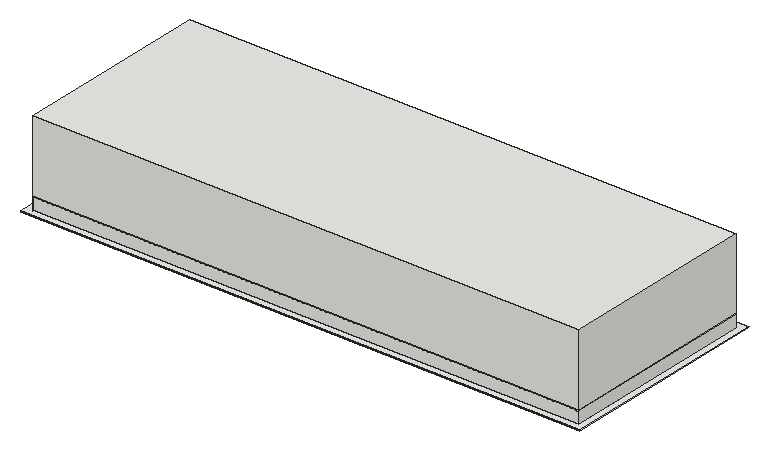
Revit family "AIRTECNICS_AIR CURTAIN_RECESSED WINDBOX_MG_AIR ONLY (A)", category Mechanical Equipment, Revit 2016
Family settings
  Part Type = Normal
  Round Connector Dimension = Use Diameter
  OmniClass Number = 23.75.70.21.17
  OmniClass Title = Air Curtains
  Work Plane-Based = No
  Always vertical = Yes
  Cut with Voids When Loaded = No
  Shared = No
  Room Calculation Point = No
Parameters (values of type "WINDBOX RM 2000 A")
  · OTHERS · [instance] = "-/ Select Supports - Inst.Maint. Space /-"  # constant formula
  · HEATING · [instance] = "-/ Heating /-"  # constant formula
  Weight [instance] = size_lookup(Name_Lookup_Data, "Weight", 1.00 kg, CM, CT)  # 109.00 kg
  Voltage [instance] = 230 V  # constant formula
  URL_Manufacturer = "https://www.airtecnics.com"
  URL_Datasheet = "https://www.airtecnics.com/download/file/1946/recessed-windbox.pdf"
  Supports Length [instance] = 500.0 mm
  Supports (Horizontal) [instance] = no
  Revit Version = "Revit 2016 - English"  # constant formula
  Review Date = "11/18"  # constant formula
  Remote Control = "IR-AIR"  # constant formula
  Product Size = if(CT = 2, "1000", if(CT = 4, "1500", if(CT = 8, "2000", if(CT = 16, "2500", if(CT = 32, "3000", "Consult Manufacturer")))))  # "2000"
  Product Reference [instance] = size_lookup(Name_Lookup_Ref, "", "Consult Manufacturer", CM, CT)  # "RM 2000 A"
  Product Heating [instance] = "Air"  # constant formula
  Product Description [instance] = size_lookup(Name_Lookup_Data, "", "Consult Manufacturer", CM, CT)  # "Self-supporting casing construction made of galvanized steel plate, ready to be installed recessed in a false ceiling. \r\nInlet grille (free of maintenance) made with aluminium profiles and blow-out nozzle, integrated in a single white frame colour RAL 9016. Other colours are available on request. \r\nAnodized aluminium outlet vanes, airfoil shaped, adjustable in both directions.\r\nDouble-inlet centrifugal fans driven by an external rotor motor and low noise level. 5-speed selector. \r\n“A” type without heating, air only. \r\nIncludes Plug&Play control with 7m RJ45 cable and infrared remote control. Optional: Clever control (programmable, automatic, intelligent, energy saving, Modbus RTU for BMS…)\r\nAir Volume: 3600 m3/h \r\nFans:  0,424 kW  1,88 A 230Vx1 50Hz\r\nDimensions: 770x310x2050 mm (depth, height, length)"
  Power Fans Factor [instance] = size_lookup(Name_Lookup_Data, "Power Fans Factor", 1, CM, CT)  # 0.98
  Power Fans [instance] = size_lookup(Name_Lookup_Data, "Power Fans", 1 kW, CM, CT)  # 0.424 kW
  Noise Level (dB(A)) [instance] = size_lookup(Name_Lookup_Data, "Noise Level (dB(A))", 1, CM, CT)  # 57
  Name_Lookup_Ref = "R_WINDBOX_MG_(A)_Ref_Lookup"  # constant formula
  Name_Lookup_Data = "R_WINDBOX_MG_(A)_Data_Lookup"  # constant formula
  Material Inlet Grille [instance] = AIRTECNICS_White RAL 9016
  Material Curtain [instance] = AIRTECNICS_White RAL 9016
  M = yes
  Length = if(CT = 2, 1050.0 mm, if(CT = 4, 1550.0 mm, if(CT = 8, 2050.0 mm, if(CT = 16, 2550.0 mm, L + 50.0 mm))))  # 2050.0 mm
  IfcExportType = "CENTRIFUGALFORWARDCURVED"  # constant formula
  IfcExportAs = "IfcFanType"  # constant formula
  Height = 310.0 mm  # constant formula
  G = no
  Frequency = 50 Hz  # constant formula
  Fans Stage = 5  # constant formula
  Family Version = "1.0"  # constant formula
  EC = no
  Depth = 770.0 mm  # constant formula
  Current Fans [instance] = size_lookup(Name_Lookup_Data, "Current Fans", 1 A, CM, CT)  # 1.88 A
  Created by = "BIMETRICAL"  # constant formula
  Control [instance] = "CA-5AW-IR"  # constant formula
  Cable = "CB7"  # constant formula
  URL = "https://www.airtecnics.com/products/air-curtain-recessed-windbox"
  Model = "Air curtain Recessed Windbox M,G A"  # constant formula
  L = 2000.0 mm
  Type Image = <None>
  Manufacturer = "AIRTECNICS"  # constant formula
  Description = ""
  Type Comments = "Self-supporting casing construction made of galvanized steel plate, ready to be installed recessed in a false ceiling. \r\nInlet grille (free of maintenance) made with aluminium profiles and blow-out nozzle, integrated in a single white frame colour RAL 9016. Other colours are available on request. \r\nAnodized aluminium outlet vanes, airfoil shaped, adjustable in both directions.\r\nDouble-inlet centrifugal fans driven by an external rotor motor and low noise level. 5-speed selector. EC models assembled with very low consumption efficiency fans. \r\n“P” type with water heated coil. “E” type with electrical shielded elements, three stages with integrated regulation. “A” type without heating, air only. Optional expansion DX coil.\r\nIncludes Plug&Play control with 7m RJ45 cable and infrared remote control. Optional: Clever control (programmable, automatic, intelligent, energy saving, Modbus RTU for BMS…)"  # constant formula
  CT = if(L = 1000.0 mm, 2, 0) + if(L = 1500.0 mm, 4, 0) + if(L = 2000.0 mm, 8, 0) + if(L = 2500.0 mm, 16, 0) + if(L = 3000.0 mm, 32, 0)  # 8
  CM = if(M, 2, 0) + if(EC, 4, 0) + if(G, 8, 0)  # 2
  BIMETRICAL Category = "Fan"  # constant formula
  BIMETRICAL = "http://www.bimetrical.com/"  # constant formula
  Aspiration/Maintenance Space [instance] = no
  Apparent Load [instance] = size_lookup(Name_Lookup_Data, "Apparent Load", 1 VA, CM, CT)  # 432.65 VA
  Airflow [instance] = size_lookup(Name_Lookup_Data, "Airflow", 1 m³/h, CM, CT)  # 3600 m³/h
  A [instance] = 1 = 1  # yes
Reference planes
  plane 1 "Centro (Frontal/Posterior)": z = 0
  plane 2: y = 246.57
  plane 3 "Centro (Izquierda/Derecha)": x = 0
Lines and regions (mm)
  reference lines
    curve 1: line (0, 246.57, 0) -> (0, 246.57, 130)
Dimensions and locks
  angle plane 1 "Centro (Frontal/Posterior)" to curve 1 = 90.00°
Nested families
  nested 1: "GEOM_WINDBOX_RECESSED" at (0, 101, 48), L <- "L", ViHS <- "Supports (Horizontal)", Support Length <- "Supports Length", Aspiration/Maintenance Space <- "Aspiration/Maintenance Space", Material Curtain <- "Material Curtain", Material Inlet Grille <- "Material Inlet Grille", type "Air curtain Recessed Windbox"
    with ViHSC no, ViHS no, Vi2 no, Vi1 yes, TI 9, Support Length 500.0 mm, Position Water pipes OUT connection "--------------------------------", Material Inlet Grille AIRTECNICS_White RAL 9016, Material Curtain AIRTECNICS_White RAL 9016, LiS 760.0 mm, Li6 720.0 mm, Li16 10.0 mm, Li15 10.0 mm, L 2000.0 mm, Aspiration/Maintenance Space no
Connectors
  electrical at (859, 481.57, 308), driven by "Voltage", driven by "Apparent Load", driven by "Power Fans Factor", driven by "Apparent Load"
    settings: on nested 1, index 1, voltage 230 V, apparent load 432.65 VA, apparent load phase1 432.65 VA, apparent load phase2 0 VA, apparent load phase3 0 VA, power factor 0.98, load classification "HVAC", number of poles 1, system type 30, power factor state 1, is connector primary yes, connector utility no, sub classification motor no, connector description ""
Definition of nested family "GEOM_WINDBOX_RECESSED"
  Parameters (values of type "Air curtain Recessed Windbox")
    ViHSC [instance] = if(and(ViHS, L > 1000.0 mm), 1 = 1, 1 = 0)  # no
    Vi2 [instance] = if(L = 2500.0 mm, 1 = 1, 1 = 0)  # yes
    Vi1 [instance] = not(Vi2)  # no
    TI [instance] = if(L = 1000.0 mm, 5, if(L = 1500.0 mm, 7, if(L = 2000.0 mm, 9, if(L = 2500.0 mm, 11, L / 200.0 mm))))  # 11
    Material Outlet Grille = none
    Material II = none
    Material I = none
    Material Inlet Grille [instance] = none
    Li16 [instance] = 10.0 mm  # constant formula
    Li15 [instance] = 10.0 mm  # constant formula
    Position Water pipes OUT connection [instance] = "--------------------------------"  # constant formula
    ViHS [instance] = no
    Support Length [instance] = 500.0 mm
    LiS [instance] = Support Length + 260.0 mm  # 760.0 mm
    Revit Version = "Revit 2016 - English"  # constant formula
    Review Date = "11/18"  # constant formula
    Material Curtain [instance] = none
    Li6 [instance] = Depth  # 720.0 mm
    Family Version = "1.0"  # constant formula
    Depth = 720.0 mm  # constant formula
    Default Elevation = 1219.2 mm
    Created by = "BIMETRICAL"  # constant formula
    URL = "https://www.airtecnics.com/products/air-curtain-recessed-windbox"
    Model = "Air curtain Recessed Windbox"  # constant formula
    L [instance] = 2500.0 mm
    Type Image = (empty or 0)
    Manufacturer = "AIRTECNICS"  # constant formula
    Description = "AIRTECNICS_Air curtain Recessed Windbox"  # constant formula
    Type Comments = ""
    BIMETRICAL Category = "Fan"  # constant formula
    BIMETRICAL = "http://www.bimetrical.com/"  # constant formula
    Aspiration/Maintenance Space [instance] = no
  Reference planes
    plane 1 "Centro (Frontal/Posterior)": z = 0
    plane 2: y = 246.57
    plane 3 "Centro (Izquierda/Derecha)": x = 0
    plane 4: z = 260
    plane 5: y = 476.57
    plane 6: y = 16.57
    plane 7: x = -1250
    plane 8: x = 1250
    plane 9: x = -1210
    plane 10: x = 1210
    plane 11: y = 442.57
    plane 12: y = 145.57
    plane 13: y = -223.43
    plane 14 "P1-02": z = 0
    plane 15 "P2-02": z = 0
    plane 16: y = -243.43
    plane 17: y = 501.57
    plane 18: x = 1275
    plane 19: y = -268.43
    plane 20: z = -48
    plane 21: z = -50
    plane 22: x = 1248
    plane 23: x = -1248
    plane 24: x = -418.5
    plane 25: x = 418.5
    plane 26: x = -1203.5
    plane 27: x = 1203.5
    plane 28: x = -962.8
    plane 29: x = -722.1
    plane 30: x = -481.4
    plane 31: z = -250
    plane 32: y = -241.454
    plane 33: y = -9.53
    plane 34: x = -240.7
    plane 35: x = 0
    plane 36: x = 240.7
    plane 37: x = 481.4
    plane 38: x = 722.1
    plane 39: x = 962.8
  Forms (mm)
    Extrusion 1, solid, material <- "Material Inlet Grille"
      sketch origin (0, 0, -50) x (1, 0, 0) y (0, 1, 0)
        loop
          line (-1250, 476.57) -> (-1250, -243.43) -> (1250, -243.43) -> (1250, 476.57) -> (-1250, 476.57)
      from 0 to 50
    Extrusion 2, void, detail levels medium+fine
      sketch origin (0, 0, -50) x (1, 0, 0) y (0, 1, 0)
        loop
          line (-1249, 474.57) -> (-1249, 387.47) -> (1249, 387.47) -> (1249, 474.57) -> (-1249, 474.57)
      from 0 to 46
    Extrusion 3, solid, material <- "Material Curtain", not visible
      sketch origin (559.734, 0, 0) x (1, 0, 0) y (0, 1, 0)
        loop
          line (613.266, 405.57) -> (485.266, 405.57) -> (485.266, 355.57) -> (613.266, 355.57) -> (613.266, 405.57)
      from 260 to 259
    Extrusion 4, solid, visible <- "ViHS"
      sketch origin (0, 0, 0) x (1, 0, 0) y (0, 1, 0)
        loop
          circle (-1210, 442.57) r 3.375
      from 260 to 760 <- "LiS"
    Extrusion 5, solid, visible <- "ViHSC"
      sketch origin (1185, 0, 0) x (1, 0, 0) y (0, 1, 0)
        loop
          circle (-1185, 442.57) r 3.375
      from 260 to 760 <- "LiS"
    Extrusion 6, solid, visible <- "ViHS"
      sketch origin (2385, 0, 0) x (1, 0, 0) y (0, 1, 0)
        loop
          circle (-1175, 442.57) r 3.375
      from 260 to 760 <- "LiS"
    Extrusion 7, solid, visible <- "ViHSC"
      sketch origin (1185, -240, 0) x (1, 0, 0) y (0, 1, 0)
        loop
          circle (-1185, 385.57) r 3.375
      from 260 to 760 <- "LiS"
    Extrusion 8, solid, visible <- "ViHS"
      sketch origin (2344.293, -280.483, 0) x (1, 0, 0) y (0, 1, 0)
        loop
          circle (-1134.293, 426.053) r 3.375
      from 260 to 760 <- "LiS"
    Extrusion 9, solid, visible <- "ViHS"
      sketch origin (9.293, -280.483, 0) x (1, 0, 0) y (0, 1, 0)
        loop
          circle (-1219.293, 426.053) r 3.375
      from 260 to 760 <- "LiS"
    Extrusion 10, solid, visible <- "Aspiration/Maintenance Space"
      sketch origin (0, 0, -50) x (1, 0, 0) y (0, 1, 0)
        loop
          line (-1250, 476.57) -> (-1250, -243.43) -> (1250, -243.43) -> (1250, 476.57) -> (-1250, 476.57)
      from 310 to 410
    Extrusion 11, solid, visible <- "Aspiration/Maintenance Space"
      sketch origin (230, 246.57, 5) x (1, 0, 0) y (0, 0, 1)
        loop
          line (1020, 255) -> (1020, -53) -> (1030, -53) -> (1030, 255) -> (1020, 255)
      from -230 to 490
    Extrusion 12, solid, visible <- "Aspiration/Maintenance Space"
      sketch origin (-2520, 246.57, 5) x (1, 0, 0) y (0, 0, 1)
        loop
          line (1260, 255) -> (1260, -53) -> (1270, -53) -> (1270, 255) -> (1260, 255)
      from -230 to 490
    Extrusion 13, solid, visible <- "ViHSC"
      sketch origin (1185, -609, 0) x (1, 0, 0) y (0, 1, 0)
        loop
          circle (-1185, 385.57) r 3.375
      from 260 to 760 <- "LiS"
    Extrusion 14, solid, visible <- "ViHS"
      sketch origin (2344.293, -649.483, 0) x (1, 0, 0) y (0, 1, 0)
        loop
          circle (-1134.293, 426.053) r 3.375
      from 260 to 760 <- "LiS"
    Extrusion 15, solid, visible <- "ViHS"
      sketch origin (9.293, -649.483, 0) x (1, 0, 0) y (0, 1, 0)
        loop
          circle (-1219.293, 426.053) r 3.375
      from 260 to 760 <- "LiS"
    Extrusion 16, solid, material <- "Material Inlet Grille"
      sketch origin (-54.078, -166.435, -50) x (1, 0, 0) y (0, 1, 0)
        loop
          line (-1220.922, -101.996) -> (1329.078, -101.996) -> (1329.078, 668.004) -> (-1220.922, 668.004) -> (-1220.922, -101.996)
        loop
          line (-1195.922, -76.996) -> (1304.078, -76.996) -> (1304.078, 643.004) -> (-1195.922, 643.004) -> (-1195.922, -76.996)
      from 0 to 2
    Sweep 17, void
      path origin (0, 0, -50) x (1, 0, 0) y (0, 1, 0)
        loop
          line (-1250, 476.57) -> (-1250, -243.43) -> (1250, -243.43) -> (1250, 476.57) -> (-1250, 476.57)
      profile origin (0, 476.57, -50) x (0, 1, 0) y (0, 0, 1)
        loop
          line (0, 46) -> (0, 50) -> (-4, 50)
          arc (-4, 50) -> (-1.172, 48.828) -> (0, 46) r 4
    Extrusion 18, solid, material <- "Material Outlet Grille"
      sketch origin (0, 0, 0) x (0, 1, 0) y (0, 0, 1)
        loop
          line (452.413, -27.506) -> (455.591, -46.036)
          arc (455.591, -46.036) -> (457.07, -47.282) -> (458.548, -46.036) r 1.5
          line (458.548, -46.036) -> (461.726, -27.506)
          arc (461.726, -27.506) -> (457.07, -21.982) -> (452.413, -27.506) r 4.725
        loop
          arc (429.342, -46.036) -> (430.82, -47.282) -> (432.299, -46.036) r 1.5
          line (432.299, -46.036) -> (435.477, -27.506)
          arc (435.477, -27.506) -> (430.82, -21.982) -> (426.163, -27.506) r 4.725
          line (426.163, -27.506) -> (429.342, -46.036)
        loop
          arc (409.976, -27.506) -> (405.319, -21.982) -> (400.662, -27.506) r 4.725
          line (400.662, -27.506) -> (403.84, -46.036)
          arc (403.84, -46.036) -> (405.319, -47.282) -> (406.797, -46.036) r 1.5
          line (406.797, -46.036) -> (409.976, -27.506)
      from -1248 to 1248
    Extrusion 19, void, detail levels medium+fine
      sketch origin (0, -484.3, -50) x (1, 0, 0) y (0, 1, 0)
        loop
          line (-1249, 474.77) -> (-1249, 242.846) -> (1249, 242.846) -> (1249, 474.77) -> (-1249, 474.77)
      from 0 to 46
    Extrusion 20, solid, material <- "Material Curtain"
      sketch origin (0, 0, -50) x (1, 0, 0) y (0, 1, 0)
        loop
          line (-1250, 476.57) -> (-1250, -243.43) -> (1250, -243.43) -> (1250, 476.57) -> (-1250, 476.57)
      from 50 to 310
    Extrusion 21, solid, material <- "Material II", visible <- "Vi1"
      sketch origin (0, 0, 0) x (0, 1, 0) y (0, 0, 1)
        loop
          line (474.57, -4) -> (400.57, -4) -> (400.57, -47.504) -> (474.57, -47.504) -> (474.57, -4)
      from -7.5 to 7.5
    Extrusion 22, solid, material <- "Material I"
      sketch origin (1191.816, 0, 0) x (0, 1, 0) y (0, 0, 1)
        loop
          arc (402.126, -44.927) -> (403.13, -46.77) -> (405.096, -47.504) r 3
          line (405.096, -47.504) -> (431.043, -47.504)
          arc (431.043, -47.504) -> (433.022, -46.759) -> (434.017, -44.893) r 3
          line (434.017, -44.893) -> (437.046, -21.725)
          arc (437.046, -21.725) -> (436.086, -18.568) -> (433.08, -17.207) r 4
          line (433.08, -17.207) -> (403.059, -17.207)
          arc (403.059, -17.207) -> (400.04, -18.583) -> (399.098, -21.764) r 4
          line (399.098, -21.764) -> (402.126, -44.927)
      from 53.181 to 56.184
    Extrusion 23, solid, material <- "Material I", visible <- "Vi1"
      sketch origin (-45.681, 0, 0) x (0, 1, 0) y (0, 0, 1)
        loop
          arc (402.126, -44.927) -> (403.13, -46.77) -> (405.096, -47.504) r 3
          line (405.096, -47.504) -> (431.043, -47.504)
          arc (431.043, -47.504) -> (433.022, -46.759) -> (434.017, -44.893) r 3
          line (434.017, -44.893) -> (437.046, -21.725)
          arc (437.046, -21.725) -> (436.086, -18.568) -> (433.08, -17.207) r 4
          line (433.08, -17.207) -> (403.059, -17.207)
          arc (403.059, -17.207) -> (400.04, -18.583) -> (399.098, -21.764) r 4
          line (399.098, -21.764) -> (402.126, -44.927)
      from 53.181 to 56.184
    Extrusion 24, solid, material <- "Material I", visible <- "Vi1"
      sketch origin (-63.684, 0, 0) x (0, 1, 0) y (0, 0, 1)
        loop
          arc (402.126, -44.927) -> (403.13, -46.77) -> (405.096, -47.504) r 3
          line (405.096, -47.504) -> (431.043, -47.504)
          arc (431.043, -47.504) -> (433.022, -46.759) -> (434.017, -44.893) r 3
          line (434.017, -44.893) -> (437.046, -21.725)
          arc (437.046, -21.725) -> (436.086, -18.568) -> (433.08, -17.207) r 4
          line (433.08, -17.207) -> (403.059, -17.207)
          arc (403.059, -17.207) -> (400.04, -18.583) -> (399.098, -21.764) r 4
          line (399.098, -21.764) -> (402.126, -44.927)
      from 53.181 to 56.184
    Extrusion 25, solid, material <- "Material II", visible <- "Vi2", not visible
      sketch origin (0, 0, 0) x (0, 1, 0) y (0, 0, 1)
        loop
          line (474.57, -4) -> (400.57, -4) -> (400.57, -47.504) -> (474.57, -47.504) -> (474.57, -4)
      from -7.5 to 7.5
    Extrusion 26, solid, material <- "Material I", visible <- "Vi2", not visible
      sketch origin (-45.681, 0, 0) x (0, 1, 0) y (0, 0, 1)
        loop
          arc (402.126, -44.927) -> (403.13, -46.77) -> (405.096, -47.504) r 3
          line (405.096, -47.504) -> (431.043, -47.504)
          arc (431.043, -47.504) -> (433.022, -46.759) -> (434.017, -44.893) r 3
          line (434.017, -44.893) -> (437.046, -21.725)
          arc (437.046, -21.725) -> (436.086, -18.568) -> (433.08, -17.207) r 4
          line (433.08, -17.207) -> (403.059, -17.207)
          arc (403.059, -17.207) -> (400.04, -18.583) -> (399.098, -21.764) r 4
          line (399.098, -21.764) -> (402.126, -44.927)
      from 53.181 to 56.184
    Extrusion 27, solid, material <- "Material I", visible <- "Vi2", not visible
      sketch origin (-63.684, 0, 0) x (0, 1, 0) y (0, 0, 1)
        loop
          arc (402.126, -44.927) -> (403.13, -46.77) -> (405.096, -47.504) r 3
          line (405.096, -47.504) -> (431.043, -47.504)
          arc (431.043, -47.504) -> (433.022, -46.759) -> (434.017, -44.893) r 3
          line (434.017, -44.893) -> (437.046, -21.725)
          arc (437.046, -21.725) -> (436.086, -18.568) -> (433.08, -17.207) r 4
          line (433.08, -17.207) -> (403.059, -17.207)
          arc (403.059, -17.207) -> (400.04, -18.583) -> (399.098, -21.764) r 4
          line (399.098, -21.764) -> (402.126, -44.927)
      from 53.181 to 56.184
    Extrusion 28, solid, material <- "Material II", visible <- "Vi2"
      sketch origin (418.5, 0, 0) x (0, 1, 0) y (0, 0, 1)
        loop
          line (474.57, -4) -> (400.57, -4) -> (400.57, -47.504) -> (474.57, -47.504) -> (474.57, -4)
      from -7.5 to 7.5
    Extrusion 29, solid, material <- "Material I", visible <- "Vi2"
      sketch origin (372.819, 0, 0) x (0, 1, 0) y (0, 0, 1)
        loop
          arc (402.126, -44.927) -> (403.13, -46.77) -> (405.096, -47.504) r 3
          line (405.096, -47.504) -> (431.043, -47.504)
          arc (431.043, -47.504) -> (433.022, -46.759) -> (434.017, -44.893) r 3
          line (434.017, -44.893) -> (437.046, -21.725)
          arc (437.046, -21.725) -> (436.086, -18.568) -> (433.08, -17.207) r 4
          line (433.08, -17.207) -> (403.059, -17.207)
          arc (403.059, -17.207) -> (400.04, -18.583) -> (399.098, -21.764) r 4
          line (399.098, -21.764) -> (402.126, -44.927)
      from 53.181 to 56.184
    Extrusion 30, solid, material <- "Material I", visible <- "Vi2"
      sketch origin (354.816, 0, 0) x (0, 1, 0) y (0, 0, 1)
        loop
          arc (402.126, -44.927) -> (403.13, -46.77) -> (405.096, -47.504) r 3
          line (405.096, -47.504) -> (431.043, -47.504)
          arc (431.043, -47.504) -> (433.022, -46.759) -> (434.017, -44.893) r 3
          line (434.017, -44.893) -> (437.046, -21.725)
          arc (437.046, -21.725) -> (436.086, -18.568) -> (433.08, -17.207) r 4
          line (433.08, -17.207) -> (403.059, -17.207)
          arc (403.059, -17.207) -> (400.04, -18.583) -> (399.098, -21.764) r 4
          line (399.098, -21.764) -> (402.126, -44.927)
      from 53.181 to 56.184
    Extrusion 31, solid, visible <- "Vi1", not visible
      sketch origin (1185, 0, 0) x (1, 0, 0) y (0, 1, 0)
        loop
          circle (-1185, 442.57) r 3.375
      from 260 to 760 <- "LiS"
    Extrusion 32, solid, material <- "Material II", visible <- "Vi1", not visible
      sketch origin (0, 0, 0) x (0, 1, 0) y (0, 0, 1)
        loop
          line (474.57, -4) -> (400.57, -4) -> (400.57, -47.504) -> (474.57, -47.504) -> (474.57, -4)
      from -7.5 to 7.5
    Extrusion 33, solid, material <- "Material I", visible <- "Vi1", not visible
      sketch origin (-45.681, 0, 0) x (0, 1, 0) y (0, 0, 1)
        loop
          arc (402.126, -44.927) -> (403.13, -46.77) -> (405.096, -47.504) r 3
          line (405.096, -47.504) -> (431.043, -47.504)
          arc (431.043, -47.504) -> (433.022, -46.759) -> (434.017, -44.893) r 3
          line (434.017, -44.893) -> (437.046, -21.725)
          arc (437.046, -21.725) -> (436.086, -18.568) -> (433.08, -17.207) r 4
          line (433.08, -17.207) -> (403.059, -17.207)
          arc (403.059, -17.207) -> (400.04, -18.583) -> (399.098, -21.764) r 4
          line (399.098, -21.764) -> (402.126, -44.927)
      from 53.181 to 56.184
    Extrusion 34, solid, material <- "Material I", visible <- "Vi1", not visible
      sketch origin (-63.684, 0, 0) x (0, 1, 0) y (0, 0, 1)
        loop
          arc (402.126, -44.927) -> (403.13, -46.77) -> (405.096, -47.504) r 3
          line (405.096, -47.504) -> (431.043, -47.504)
          arc (431.043, -47.504) -> (433.022, -46.759) -> (434.017, -44.893) r 3
          line (434.017, -44.893) -> (437.046, -21.725)
          arc (437.046, -21.725) -> (436.086, -18.568) -> (433.08, -17.207) r 4
          line (433.08, -17.207) -> (403.059, -17.207)
          arc (403.059, -17.207) -> (400.04, -18.583) -> (399.098, -21.764) r 4
          line (399.098, -21.764) -> (402.126, -44.927)
      from 53.181 to 56.184
    Extrusion 35, solid, material <- "Material II", visible <- "Vi2"
      sketch origin (-418.5, 0, 0) x (0, 1, 0) y (0, 0, 1)
        loop
          line (474.57, -4) -> (400.57, -4) -> (400.57, -47.504) -> (474.57, -47.504) -> (474.57, -4)
      from -7.5 to 7.5
    Extrusion 36, solid, material <- "Material I", visible <- "Vi2"
      sketch origin (-464.181, 0, 0) x (0, 1, 0) y (0, 0, 1)
        loop
          arc (402.126, -44.927) -> (403.13, -46.77) -> (405.096, -47.504) r 3
          line (405.096, -47.504) -> (431.043, -47.504)
          arc (431.043, -47.504) -> (433.022, -46.759) -> (434.017, -44.893) r 3
          line (434.017, -44.893) -> (437.046, -21.725)
          arc (437.046, -21.725) -> (436.086, -18.568) -> (433.08, -17.207) r 4
          line (433.08, -17.207) -> (403.059, -17.207)
          arc (403.059, -17.207) -> (400.04, -18.583) -> (399.098, -21.764) r 4
          line (399.098, -21.764) -> (402.126, -44.927)
      from 53.181 to 56.184
    Extrusion 37, solid, material <- "Material I", visible <- "Vi2"
      sketch origin (-482.184, 0, 0) x (0, 1, 0) y (0, 0, 1)
        loop
          arc (402.126, -44.927) -> (403.13, -46.77) -> (405.096, -47.504) r 3
          line (405.096, -47.504) -> (431.043, -47.504)
          arc (431.043, -47.504) -> (433.022, -46.759) -> (434.017, -44.893) r 3
          line (434.017, -44.893) -> (437.046, -21.725)
          arc (437.046, -21.725) -> (436.086, -18.568) -> (433.08, -17.207) r 4
          line (433.08, -17.207) -> (403.059, -17.207)
          arc (403.059, -17.207) -> (400.04, -18.583) -> (399.098, -21.764) r 4
          line (399.098, -21.764) -> (402.126, -44.927)
      from 53.181 to 56.184
    Extrusion 38, solid, material <- "Material Outlet Grille"
      sketch origin (0, -232.43, -85.237) x (1, 0, 0) y (0, 0, 1)
        loop
          circle (-1203.5, 56.137) r 4
      from -222.9 to 5
    Extrusion 39, solid, material <- "Material Outlet Grille"
      sketch origin (2407, -232.43, -85.237) x (1, 0, 0) y (0, 0, 1)
        loop
          circle (-1203.5, 56.137) r 4
      from -222.9 to 5
    Extrusion 40, solid, material <- "Material Outlet Grille"
      sketch origin (240.7, -232.43, -85.237) x (1, 0, 0) y (0, 0, 1)
        loop
          circle (-1203.5, 56.137) r 4
      from -222.9 to 5
    Extrusion 41, solid, material <- "Material Outlet Grille"
      sketch origin (481.4, -232.43, -85.237) x (1, 0, 0) y (0, 0, 1)
        loop
          circle (-1203.5, 56.137) r 4
      from -222.9 to 5
    Extrusion 42, solid, material <- "Material Outlet Grille"
      sketch origin (722.1, -232.43, -85.237) x (1, 0, 0) y (0, 0, 1)
        loop
          circle (-1203.5, 56.137) r 4
      from -222.9 to 5
    Extrusion 43, solid, material <- "Material I"
      sketch origin (-1301.181, 0, 0) x (0, 1, 0) y (0, 0, 1)
        loop
          arc (402.126, -44.927) -> (403.13, -46.77) -> (405.096, -47.504) r 3
          line (405.096, -47.504) -> (431.043, -47.504)
          arc (431.043, -47.504) -> (433.022, -46.759) -> (434.017, -44.893) r 3
          line (434.017, -44.893) -> (437.046, -21.725)
          arc (437.046, -21.725) -> (436.086, -18.568) -> (433.08, -17.207) r 4
          line (433.08, -17.207) -> (403.059, -17.207)
          arc (403.059, -17.207) -> (400.04, -18.583) -> (399.098, -21.764) r 4
          line (399.098, -21.764) -> (402.126, -44.927)
      from 53.181 to 56.184
    Extrusion 44, solid, material <- "Material Inlet Grille"
      sketch origin (0, -150, 0) x (0, 1, 0) y (0, 0, 1)
        loop
          line (136.77, -33.656) -> (122.009, -45.189)
          arc (122.009, -45.189) -> (118.063, -47.263) -> (113.64, -47.821) r 12.5
          line (113.64, -47.821) -> (113.57, -49.119)
          arc (113.57, -49.119) -> (118.453, -48.503) -> (122.809, -46.213) r 13.8
          line (122.809, -46.213) -> (137.57, -34.681)
          arc (137.57, -34.681) -> (138.306, -33.772) -> (138.57, -32.632) r 2.6
          line (138.57, -32.632) -> (138.57, -23.9) -> (137.27, -23.9) -> (137.27, -32.632)
          arc (137.27, -32.632) -> (137.138, -33.202) -> (136.77, -33.656) r 1.3
        loop
          line (111.77, -33.656) -> (97.009, -45.189)
          arc (97.009, -45.189) -> (93.063, -47.263) -> (88.64, -47.821) r 12.5
          line (88.64, -47.821) -> (88.57, -49.119)
          arc (88.57, -49.119) -> (93.453, -48.503) -> (97.809, -46.213) r 13.8
          line (97.809, -46.213) -> (112.57, -34.681)
          arc (112.57, -34.681) -> (113.306, -33.772) -> (113.57, -32.632) r 2.6
          line (113.57, -32.632) -> (113.57, -23.9) -> (112.27, -23.9) -> (112.27, -32.632)
          arc (112.27, -32.632) -> (112.138, -33.202) -> (111.77, -33.656) r 1.3
        loop
          line (89.52, -33.656) -> (74.759, -45.189)
          arc (74.759, -45.189) -> (70.813, -47.263) -> (66.39, -47.821) r 12.5
          line (66.39, -47.821) -> (66.32, -49.119)
          arc (66.32, -49.119) -> (71.203, -48.503) -> (75.559, -46.213) r 13.8
          line (75.559, -46.213) -> (90.32, -34.681)
          arc (90.32, -34.681) -> (91.056, -33.772) -> (91.32, -32.632) r 2.6
          line (91.32, -32.632) -> (91.32, -23.9) -> (90.02, -23.9) -> (90.02, -32.632)
          arc (90.02, -32.632) -> (89.888, -33.202) -> (89.52, -33.656) r 1.3
        loop
          line (67.27, -33.656) -> (52.509, -45.189)
          arc (52.509, -45.189) -> (48.563, -47.263) -> (44.14, -47.821) r 12.5
          line (44.14, -47.821) -> (44.07, -49.119)
          arc (44.07, -49.119) -> (48.953, -48.503) -> (53.309, -46.213) r 13.8
          line (53.309, -46.213) -> (68.07, -34.681)
          arc (68.07, -34.681) -> (68.806, -33.772) -> (69.07, -32.632) r 2.6
          line (69.07, -32.632) -> (69.07, -23.9) -> (67.77, -23.9) -> (67.77, -32.632)
          arc (67.77, -32.632) -> (67.638, -33.202) -> (67.27, -33.656) r 1.3
        loop
          line (45.02, -33.656) -> (30.259, -45.189)
          arc (30.259, -45.189) -> (26.313, -47.263) -> (21.89, -47.821) r 12.5
          line (21.89, -47.821) -> (21.82, -49.119)
          arc (21.82, -49.119) -> (26.703, -48.503) -> (31.059, -46.213) r 13.8
          line (31.059, -46.213) -> (45.82, -34.681)
          arc (45.82, -34.681) -> (46.556, -33.772) -> (46.82, -32.632) r 2.6
          line (46.82, -32.632) -> (46.82, -23.9) -> (45.52, -23.9) -> (45.52, -32.632)
          arc (45.52, -32.632) -> (45.388, -33.202) -> (45.02, -33.656) r 1.3
        loop
          line (22.77, -33.656) -> (8.009, -45.189)
          arc (8.009, -45.189) -> (4.063, -47.263) -> (-0.36, -47.821) r 12.5
          line (-0.36, -47.821) -> (-0.43, -49.119)
          arc (-0.43, -49.119) -> (4.453, -48.503) -> (8.809, -46.213) r 13.8
          line (8.809, -46.213) -> (23.57, -34.681)
          arc (23.57, -34.681) -> (24.306, -33.772) -> (24.57, -32.632) r 2.6
          line (24.57, -32.632) -> (24.57, -23.9) -> (23.27, -23.9) -> (23.27, -32.632)
          arc (23.27, -32.632) -> (23.138, -33.202) -> (22.77, -33.656) r 1.3
        loop
          line (2.32, -32.632) -> (2.32, -23.9) -> (1.02, -23.9) -> (1.02, -32.632)
          arc (1.02, -32.632) -> (0.888, -33.202) -> (0.52, -33.656) r 1.3
          line (0.52, -33.656) -> (-14.241, -45.189)
          arc (-14.241, -45.189) -> (-18.187, -47.263) -> (-22.61, -47.821) r 12.5
          line (-22.61, -47.821) -> (-22.68, -49.119)
          arc (-22.68, -49.119) -> (-17.797, -48.503) -> (-13.441, -46.213) r 13.8
          line (-13.441, -46.213) -> (1.32, -34.681)
          arc (1.32, -34.681) -> (2.056, -33.772) -> (2.32, -32.632) r 2.6
        loop
          line (-21.73, -33.656) -> (-36.491, -45.189)
          arc (-36.491, -45.189) -> (-40.437, -47.263) -> (-44.86, -47.821) r 12.5
          line (-44.86, -47.821) -> (-44.93, -49.119)
          arc (-44.93, -49.119) -> (-40.047, -48.503) -> (-35.691, -46.213) r 13.8
          line (-35.691, -46.213) -> (-20.93, -34.681)
          arc (-20.93, -34.681) -> (-20.194, -33.772) -> (-19.93, -32.632) r 2.6
          line (-19.93, -32.632) -> (-19.93, -23.9) -> (-21.23, -23.9) -> (-21.23, -32.632)
          arc (-21.23, -32.632) -> (-21.362, -33.202) -> (-21.73, -33.656) r 1.3
        loop
          line (-43.98, -33.656) -> (-58.741, -45.189)
          arc (-58.741, -45.189) -> (-62.687, -47.263) -> (-67.11, -47.821) r 12.5
          line (-67.11, -47.821) -> (-67.18, -49.119)
          arc (-67.18, -49.119) -> (-62.297, -48.503) -> (-57.941, -46.213) r 13.8
          line (-57.941, -46.213) -> (-43.18, -34.681)
          arc (-43.18, -34.681) -> (-42.444, -33.772) -> (-42.18, -32.632) r 2.6
          line (-42.18, -32.632) -> (-42.18, -23.9) -> (-43.48, -23.9) -> (-43.48, -32.632)
          arc (-43.48, -32.632) -> (-43.612, -33.202) -> (-43.98, -33.656) r 1.3
        loop
          line (-66.23, -33.656) -> (-80.991, -45.189)
          arc (-80.991, -45.189) -> (-84.937, -47.263) -> (-89.36, -47.821) r 12.5
          line (-89.36, -47.821) -> (-89.43, -49.119)
          arc (-89.43, -49.119) -> (-84.547, -48.503) -> (-80.191, -46.213) r 13.8
          line (-80.191, -46.213) -> (-65.43, -34.681)
          arc (-65.43, -34.681) -> (-64.694, -33.772) -> (-64.43, -32.632) r 2.6
          line (-64.43, -32.632) -> (-64.43, -23.9) -> (-65.73, -23.9) -> (-65.73, -32.632)
          arc (-65.73, -32.632) -> (-65.862, -33.202) -> (-66.23, -33.656) r 1.3
      from -1248 to 1248
    Extrusion 45, solid, visible <- "Aspiration/Maintenance Space"
      sketch origin (0, 0, -590) x (1, 0, 0) y (0, 1, 0)
        loop
          line (-1248, -9.53) -> (-1248, -241.454) -> (1248, -241.454) -> (1248, -9.53) -> (-1248, -9.53)
      from 340 to 540
    Extrusion 46, solid, material <- "Material Outlet Grille"
      sketch origin (962.8, -232.43, -85.237) x (1, 0, 0) y (0, 0, 1)
        loop
          circle (-1203.5, 56.137) r 4
      from -222.9 to 5
    Extrusion 47, solid, material <- "Material Outlet Grille"
      sketch origin (1203.5, -232.43, -85.237) x (1, 0, 0) y (0, 0, 1)
        loop
          circle (-1203.5, 56.137) r 4
      from -222.9 to 5
    Extrusion 48, solid, material <- "Material Outlet Grille"
      sketch origin (1444.2, -232.43, -85.237) x (1, 0, 0) y (0, 0, 1)
        loop
          circle (-1203.5, 56.137) r 4
      from -222.9 to 5
    Extrusion 49, solid, material <- "Material Outlet Grille"
      sketch origin (1684.9, -232.43, -85.237) x (1, 0, 0) y (0, 0, 1)
        loop
          circle (-1203.5, 56.137) r 4
      from -222.9 to 5
    Extrusion 50, solid, material <- "Material Outlet Grille"
      sketch origin (1925.6, -232.43, -85.237) x (1, 0, 0) y (0, 0, 1)
        loop
          circle (-1203.5, 56.137) r 4
      from -222.9 to 5
    Extrusion 51, solid, material <- "Material Outlet Grille"
      sketch origin (2166.3, -232.43, -85.237) x (1, 0, 0) y (0, 0, 1)
        loop
          circle (-1203.5, 56.137) r 4
      from -222.9 to 5
  Cuts and joins
    Extrusion 2, Sweep 17, Extrusion 19 cuts Extrusion 1
    Extrusion 19 cuts Extrusion 16
    joined: Extrusion 1, Extrusion 16
  Dimensions and locks
    locked: plane 4 to plane 1 "Centro (Frontal/Posterior)" at 260
    equal spacing: plane 7, plane 3 "Centro (Izquierda/Derecha)", plane 8
    equal spacing: plane 5, plane 2, plane 6
    "L": plane 7 to plane 8
    locked: plane 5 to plane 6 at 460
    plane 1 "Centro (Frontal/Posterior)" to cut or joined group of Extrusion 1, Extrusion 2, Extrusion 16, Sweep 17, Extrusion 19 = 4.0 mm
    locked: plane 7 to plane 9 at 40
    locked: plane 10 to plane 8 at 40
    plane 5 to Extrusion 2 sketch curve = 2.0 mm
    Extrusion 2 sketch curve to plane 8 = 1.0 mm
    plane 7 to Extrusion 2 sketch curve = 1.0 mm
    "Li6": plane 5 to Extrusion 1 sketch curve
    Extrusion 3 sketch curve to plane 8 = 77.0 mm
    plane 5 to Extrusion 3 sketch curve = 71.0 mm
    Extrusion 3 sketch curve to Extrusion 3 sketch curve = 50.0 mm
    Extrusion 3 sketch curve to Extrusion 3 sketch curve = 128.0 mm
    locked: plane 5 to plane 11 at 34
    plane 5 to Extrusion 10 sketch curve = 720.0 mm
    locked: Extrusion 10 to plane 4 at 100
    Extrusion 11 sketch curve to Extrusion 11 sketch curve = 308.0 mm
    Extrusion 12 sketch curve to Extrusion 12 sketch curve = 308.0 mm
    "Li16": Extrusion 12 to Extrusion 12
    "Depth": plane 5 to Extrusion 11
    "Depth": plane 5 to Extrusion 12
    locked: plane 6 to plane 12 at 129
    locked: plane 12 to plane 13 at 369
    plane 1 "Centro (Frontal/Posterior)" to plane 14 "P1-02" = 0.0 mm
    plane 1 "Centro (Frontal/Posterior)" to plane 15 "P2-02" = 0.0 mm
    locked: plane 6 to plane 16 at 260
    locked: plane 17 to plane 5 at 25
    locked: plane 8 to plane 18 at 25
    locked: plane 16 to plane 19 at 25
    locked: plane 20 to plane 21 at 2
    locked: plane 20 to plane 1 "Centro (Frontal/Posterior)" at 48
    locked: Extrusion 18 to plane 21 at 3.964
    locked: plane 17 to Extrusion 18 at 97.729
    locked: plane 22 to plane 8 at 2
    locked: plane 7 to plane 23 at 2
    locked: Extrusion 22 to plane 22 at 3.003
    equal spacing: Extrusion 21, plane 3 "Centro (Izquierda/Derecha)", Extrusion 21
    equal spacing: plane 24, plane 3 "Centro (Izquierda/Derecha)", plane 25
    locked: plane 24 to plane 3 "Centro (Izquierda/Derecha)" at 418.5
    locked: plane 24 to Extrusion 35 at 7.5
    locked: plane 25 to Extrusion 28 at 7.5
    equal spacing: group 5, group 7, group 8, group 9, group 10, group 11, group 12, group 13, group 14, group 15, group 6  (x3)
    locked: plane 27 to plane 18 at 71.5
    locked: plane 23 to Extrusion 43 at 3.003
    plane 21 to plane 31 = 200.0 mm
    locked: plane 33 to plane 6 at 26.1
    locked: plane 16 to plane 32 at 1.976
    "Li15": plane 8 to Extrusion 11
    locked: plane 26 to plane 7 at 46.5
    radius of Extrusion 4 sketch curve = 3.375 mm
    radius of Extrusion 5 sketch curve = 3.375 mm
    radius of Extrusion 6 sketch curve = 3.375 mm
    radius of Extrusion 7 sketch curve = 3.375 mm
    radius of Extrusion 8 sketch curve = 3.375 mm
    radius of Extrusion 9 sketch curve = 3.375 mm
    radius of Extrusion 13 sketch curve = 3.375 mm
    radius of Extrusion 14 sketch curve = 3.375 mm
    radius of Extrusion 15 sketch curve = 3.375 mm
    radius of Sweep 17 sketch curve = 4.0 mm
    radius of Extrusion 31 sketch curve = 3.375 mm
    radius of Extrusion 38 sketch curve = 4.0 mm
    radius of Extrusion 39 sketch curve = 4.0 mm
    radius of Extrusion 40 sketch curve = 4.0 mm
    radius of Extrusion 41 sketch curve = 4.0 mm
    radius of Extrusion 42 sketch curve = 4.0 mm
    radius of Extrusion 46 sketch curve = 4.0 mm
    radius of Extrusion 47 sketch curve = 4.0 mm
    radius of Extrusion 48 sketch curve = 4.0 mm
    radius of Extrusion 49 sketch curve = 4.0 mm
    radius of Extrusion 50 sketch curve = 4.0 mm
    radius of Extrusion 51 sketch curve = 4.0 mm
    aligned and locked: Extrusion 1 sketch curve to plane 5
    aligned and locked: plane 7 to Extrusion 1 sketch curve
    aligned and locked: plane 8 to Extrusion 1 sketch curve
    aligned and locked: Extrusion 4 to plane 4
    aligned and locked: plane 9 to Extrusion 4 sketch curve
    aligned and locked: plane 10 to Extrusion 6 sketch curve
    aligned and locked: plane 11 to Extrusion 6 sketch curve
    aligned and locked: plane 9 to Extrusion 9 sketch curve
    aligned and locked: plane 12 to Extrusion 9 sketch curve
    aligned and locked: plane 12 to Extrusion 7 sketch curve
    aligned and locked: plane 10 to Extrusion 8 sketch curve
    aligned and locked: plane 12 to Extrusion 8 sketch curve
    aligned and locked: Extrusion 6 to plane 4
    aligned and locked: Extrusion 8 to plane 4
    aligned and locked: Extrusion 5 to plane 4
    aligned and locked: Extrusion 7 to plane 4
    aligned and locked: Extrusion 9 to plane 4
    aligned and locked: Extrusion 10 sketch curve to plane 5
    aligned and locked: plane 7 to Extrusion 10 sketch curve
    aligned and locked: plane 8 to Extrusion 10 sketch curve
    aligned and locked: Extrusion 10 to plane 4
    aligned and locked: plane 4 to Extrusion 11
    aligned and locked: plane 8 to Extrusion 11
    aligned and locked: plane 5 to Extrusion 11
    aligned and locked: plane 4 to Extrusion 12
    aligned and locked: plane 7 to Extrusion 12
    aligned and locked: plane 5 to Extrusion 12
    aligned and locked: plane 13 to Extrusion 14 sketch curve
    aligned and locked: plane 10 to Extrusion 14 sketch curve
    aligned and locked: plane 13 to Extrusion 13 sketch curve
    aligned and locked: plane 3 "Centro (Izquierda/Derecha)" to Extrusion 13 sketch curve
    aligned and locked: plane 9 to Extrusion 15 sketch curve
    aligned and locked: plane 13 to Extrusion 15 sketch curve
    aligned and locked: Extrusion 14 to plane 4
    aligned and locked: Extrusion 13 to plane 4
    aligned and locked: Extrusion 15 to plane 4
    aligned and locked: Extrusion 10 to plane 16
    aligned and locked: cut or joined group of Extrusion 1, Extrusion 2, Extrusion 16, Sweep 17, Extrusion 19 to plane 16
    aligned and locked: Extrusion 16 sketch curve to plane 19
    aligned and locked: plane 17 to Extrusion 16 sketch curve
    aligned and locked: Extrusion 16 sketch curve to plane 18
    aligned and locked: Extrusion 16 sketch curve to plane 8
    aligned and locked: plane 5 to Extrusion 16 sketch curve
    aligned and locked: Extrusion 16 sketch curve to plane 16
    aligned and locked: Extrusion 16 sketch curve to plane 7
    aligned and locked: plane 20 to Extrusion 16
    aligned and locked: Extrusion 12 to plane 20
    aligned and locked: Extrusion 11 to plane 20
    aligned and locked: level to plane 21
    aligned and locked: cut or joined group of Extrusion 1, Extrusion 2, Extrusion 16, Sweep 17, Extrusion 19 to level
    aligned and locked: cut or joined group of Extrusion 1, Extrusion 2, Extrusion 16, Sweep 17, Extrusion 19 to plane 21
    aligned and locked: plane 7 to Sweep 17 sketch curve
    aligned and locked: plane 16 to Sweep 17 sketch curve
    aligned and locked: Sweep 17 sketch curve to plane 5  (x2)
    aligned and locked: plane 8 to Sweep 17 sketch curve
    aligned and locked: plane 1 "Centro (Frontal/Posterior)" to Sweep 17 sketch curve
    aligned and locked: Extrusion 18 to plane 22
    aligned and locked: Extrusion 18 to plane 23
    aligned and locked: cut or joined group of Extrusion 1, Extrusion 2, Extrusion 16, Sweep 17, Extrusion 19 to plane 1 "Centro (Frontal/Posterior)"
    aligned and locked: plane 8 to Extrusion 20 sketch curve
    aligned and locked: Extrusion 20 sketch curve to plane 5
    aligned and locked: plane 7 to Extrusion 20 sketch curve
    aligned and locked: plane 16 to Extrusion 20 sketch curve
    aligned and locked: plane 4 to Extrusion 20
    aligned and locked: plane 1 "Centro (Frontal/Posterior)" to Extrusion 20
    aligned and locked: Extrusion 22 to plane 22
    aligned and locked: plane 26 to Extrusion 38 sketch curve
    aligned and locked: plane 27 to Extrusion 39 sketch curve
    aligned and locked: plane 28 to Extrusion 40 sketch curve
    aligned and locked: plane 29 to Extrusion 41 sketch curve
    aligned and locked: plane 30 to Extrusion 42 sketch curve
    aligned and locked: Extrusion 43 to plane 23
    aligned and locked: Extrusion 44 to plane 22
    aligned and locked: Extrusion 44 to plane 23
    aligned and locked: plane 21 to Extrusion 45
    aligned and locked: Extrusion 45 to plane 31
    aligned and locked: Extrusion 45 to cut or joined group of Extrusion 1, Extrusion 2, Extrusion 16, Sweep 17, Extrusion 19
    aligned and locked: Extrusion 45 to plane 23
    aligned and locked: Extrusion 45 to plane 22
    aligned and locked: plane 33 to cut or joined group of Extrusion 1, Extrusion 2, Extrusion 16, Sweep 17, Extrusion 19
    aligned and locked: plane 32 to Extrusion 19 sketch curve
    aligned and locked: Extrusion 19 sketch curve to plane 33
    aligned and locked: plane 34 to Extrusion 46 sketch curve
    aligned and locked: plane 35 to Extrusion 47 sketch curve
    aligned and locked: plane 36 to Extrusion 48 sketch curve
    aligned and locked: plane 37 to Extrusion 49 sketch curve
    aligned and locked: plane 38 to Extrusion 50 sketch curve
    aligned and locked: plane 39 to Extrusion 51 sketch curve
  Automatic sketch dimensions
    Extrusion 23 sketch curve to Extrusion 23 sketch curve = 3.028 mm
    Extrusion 23 sketch curve to Extrusion 23 sketch curve = 3.961 mm
    Extrusion 23 sketch curve to Extrusion 23 sketch curve = 2.97 mm
    Extrusion 23 sketch curve to Extrusion 23 sketch curve = 2.975 mm
    Extrusion 23 sketch curve to Extrusion 23 sketch curve = 0.557 mm
    Extrusion 23 sketch curve to Extrusion 23 sketch curve = 4.0 mm
    Extrusion 23 sketch curve to Extrusion 23 sketch curve = 3.966 mm
    Extrusion 23 sketch curve to Extrusion 23 sketch curve = 0.0 mm  (x2)
    Extrusion 24 sketch curve to Extrusion 24 sketch curve = 3.028 mm
    Extrusion 24 sketch curve to Extrusion 24 sketch curve = 3.961 mm
    Extrusion 24 sketch curve to Extrusion 24 sketch curve = 2.97 mm
    Extrusion 24 sketch curve to Extrusion 24 sketch curve = 2.975 mm
    Extrusion 24 sketch curve to Extrusion 24 sketch curve = 0.557 mm
    Extrusion 24 sketch curve to Extrusion 24 sketch curve = 4.0 mm
    Extrusion 24 sketch curve to Extrusion 24 sketch curve = 3.966 mm
    Extrusion 24 sketch curve to Extrusion 24 sketch curve = 0.0 mm  (x2)
    Extrusion 23 sketch curve to Extrusion 23 sketch curve = 25.946 mm
    Extrusion 23 sketch curve to Extrusion 23 sketch curve = 2.037 mm
    Extrusion 23 sketch curve to Extrusion 23 sketch curve = 2.578 mm
    Extrusion 23 sketch curve to Extrusion 23 sketch curve = 2.611 mm
    Extrusion 23 sketch curve to Extrusion 23 sketch curve = 23.162 mm
    Extrusion 24 sketch curve to Extrusion 24 sketch curve = 25.946 mm
    Extrusion 24 sketch curve to Extrusion 24 sketch curve = 2.037 mm
    Extrusion 24 sketch curve to Extrusion 24 sketch curve = 2.578 mm
    Extrusion 24 sketch curve to Extrusion 24 sketch curve = 2.611 mm
    Extrusion 24 sketch curve to Extrusion 24 sketch curve = 23.162 mm
    Extrusion 26 sketch curve to Extrusion 26 sketch curve = 3.028 mm
    Extrusion 26 sketch curve to Extrusion 26 sketch curve = 3.961 mm
    Extrusion 26 sketch curve to Extrusion 26 sketch curve = 2.97 mm
    Extrusion 26 sketch curve to Extrusion 26 sketch curve = 2.975 mm
    Extrusion 26 sketch curve to Extrusion 26 sketch curve = 0.557 mm
    Extrusion 26 sketch curve to Extrusion 26 sketch curve = 4.0 mm
    Extrusion 26 sketch curve to Extrusion 26 sketch curve = 3.966 mm
    Extrusion 26 sketch curve to Extrusion 26 sketch curve = 0.0 mm  (x2)
    Extrusion 27 sketch curve to Extrusion 27 sketch curve = 3.028 mm
    Extrusion 27 sketch curve to Extrusion 27 sketch curve = 3.961 mm
    Extrusion 27 sketch curve to Extrusion 27 sketch curve = 2.97 mm
    Extrusion 27 sketch curve to Extrusion 27 sketch curve = 2.975 mm
    Extrusion 27 sketch curve to Extrusion 27 sketch curve = 0.557 mm
    Extrusion 27 sketch curve to Extrusion 27 sketch curve = 4.0 mm
    Extrusion 27 sketch curve to Extrusion 27 sketch curve = 3.966 mm
    Extrusion 27 sketch curve to Extrusion 27 sketch curve = 0.0 mm  (x2)
    Extrusion 26 sketch curve to Extrusion 26 sketch curve = 25.946 mm
    Extrusion 26 sketch curve to Extrusion 26 sketch curve = 2.037 mm
    Extrusion 26 sketch curve to Extrusion 26 sketch curve = 2.578 mm
    Extrusion 26 sketch curve to Extrusion 26 sketch curve = 2.611 mm
    Extrusion 26 sketch curve to Extrusion 26 sketch curve = 23.162 mm
    Extrusion 27 sketch curve to Extrusion 27 sketch curve = 25.946 mm
    Extrusion 27 sketch curve to Extrusion 27 sketch curve = 2.037 mm
    Extrusion 27 sketch curve to Extrusion 27 sketch curve = 2.578 mm
    Extrusion 27 sketch curve to Extrusion 27 sketch curve = 2.611 mm
    Extrusion 27 sketch curve to Extrusion 27 sketch curve = 23.162 mm
    Extrusion 29 sketch curve to Extrusion 29 sketch curve = 3.028 mm
    Extrusion 29 sketch curve to Extrusion 29 sketch curve = 3.961 mm
    Extrusion 29 sketch curve to Extrusion 29 sketch curve = 2.97 mm
    Extrusion 29 sketch curve to Extrusion 29 sketch curve = 2.975 mm
    Extrusion 29 sketch curve to Extrusion 29 sketch curve = 0.557 mm
    Extrusion 29 sketch curve to Extrusion 29 sketch curve = 4.0 mm
    Extrusion 29 sketch curve to Extrusion 29 sketch curve = 3.966 mm
    Extrusion 29 sketch curve to Extrusion 29 sketch curve = 0.0 mm  (x2)
    Extrusion 30 sketch curve to Extrusion 30 sketch curve = 3.028 mm
    Extrusion 30 sketch curve to Extrusion 30 sketch curve = 3.961 mm
    Extrusion 30 sketch curve to Extrusion 30 sketch curve = 2.97 mm
    Extrusion 30 sketch curve to Extrusion 30 sketch curve = 2.975 mm
    Extrusion 30 sketch curve to Extrusion 30 sketch curve = 0.557 mm
    Extrusion 30 sketch curve to Extrusion 30 sketch curve = 4.0 mm
    Extrusion 30 sketch curve to Extrusion 30 sketch curve = 3.966 mm
    Extrusion 30 sketch curve to Extrusion 30 sketch curve = 0.0 mm  (x2)
    Extrusion 29 sketch curve to Extrusion 29 sketch curve = 25.946 mm
    Extrusion 29 sketch curve to Extrusion 29 sketch curve = 2.037 mm
    Extrusion 29 sketch curve to Extrusion 29 sketch curve = 2.578 mm
    Extrusion 29 sketch curve to Extrusion 29 sketch curve = 2.611 mm
    Extrusion 29 sketch curve to Extrusion 29 sketch curve = 23.162 mm
    Extrusion 30 sketch curve to Extrusion 30 sketch curve = 25.946 mm
    Extrusion 30 sketch curve to Extrusion 30 sketch curve = 2.037 mm
    Extrusion 30 sketch curve to Extrusion 30 sketch curve = 2.578 mm
    Extrusion 30 sketch curve to Extrusion 30 sketch curve = 2.611 mm
    Extrusion 30 sketch curve to Extrusion 30 sketch curve = 23.162 mm
    Extrusion 21 sketch curve to Extrusion 21 sketch curve = 74.0 mm
    Extrusion 21 sketch curve to Extrusion 21 sketch curve = 43.504 mm
    Extrusion 33 sketch curve to Extrusion 33 sketch curve = 3.028 mm
    Extrusion 33 sketch curve to Extrusion 33 sketch curve = 3.961 mm
    Extrusion 33 sketch curve to Extrusion 33 sketch curve = 2.97 mm
    Extrusion 33 sketch curve to Extrusion 33 sketch curve = 2.975 mm
    Extrusion 33 sketch curve to Extrusion 33 sketch curve = 0.557 mm
    Extrusion 33 sketch curve to Extrusion 33 sketch curve = 4.0 mm
    Extrusion 33 sketch curve to Extrusion 33 sketch curve = 3.966 mm
    Extrusion 33 sketch curve to Extrusion 33 sketch curve = 0.0 mm  (x2)
    Extrusion 34 sketch curve to Extrusion 34 sketch curve = 3.028 mm
    Extrusion 34 sketch curve to Extrusion 34 sketch curve = 3.961 mm
    Extrusion 34 sketch curve to Extrusion 34 sketch curve = 2.97 mm
    Extrusion 34 sketch curve to Extrusion 34 sketch curve = 2.975 mm
    Extrusion 34 sketch curve to Extrusion 34 sketch curve = 0.557 mm
    Extrusion 34 sketch curve to Extrusion 34 sketch curve = 4.0 mm
    Extrusion 34 sketch curve to Extrusion 34 sketch curve = 3.966 mm
    Extrusion 34 sketch curve to Extrusion 34 sketch curve = 0.0 mm  (x2)
    Extrusion 33 sketch curve to Extrusion 33 sketch curve = 25.946 mm
    Extrusion 33 sketch curve to Extrusion 33 sketch curve = 2.037 mm
    Extrusion 33 sketch curve to Extrusion 33 sketch curve = 2.578 mm
    Extrusion 33 sketch curve to Extrusion 33 sketch curve = 2.611 mm
    Extrusion 33 sketch curve to Extrusion 33 sketch curve = 23.162 mm
    Extrusion 34 sketch curve to Extrusion 34 sketch curve = 25.946 mm
    Extrusion 34 sketch curve to Extrusion 34 sketch curve = 2.037 mm
    Extrusion 34 sketch curve to Extrusion 34 sketch curve = 2.578 mm
    Extrusion 34 sketch curve to Extrusion 34 sketch curve = 2.611 mm
    Extrusion 34 sketch curve to Extrusion 34 sketch curve = 23.162 mm
    Extrusion 32 sketch curve to Extrusion 32 sketch curve = 74.0 mm
    Extrusion 32 sketch curve to Extrusion 32 sketch curve = 43.504 mm
    Extrusion 36 sketch curve to Extrusion 36 sketch curve = 3.028 mm
    Extrusion 36 sketch curve to Extrusion 36 sketch curve = 3.961 mm
    Extrusion 36 sketch curve to Extrusion 36 sketch curve = 2.97 mm
    Extrusion 36 sketch curve to Extrusion 36 sketch curve = 2.975 mm
    Extrusion 36 sketch curve to Extrusion 36 sketch curve = 0.557 mm
    Extrusion 36 sketch curve to Extrusion 36 sketch curve = 4.0 mm
    Extrusion 36 sketch curve to Extrusion 36 sketch curve = 3.966 mm
    Extrusion 36 sketch curve to Extrusion 36 sketch curve = 0.0 mm  (x2)
    Extrusion 37 sketch curve to Extrusion 37 sketch curve = 3.028 mm
    Extrusion 37 sketch curve to Extrusion 37 sketch curve = 3.961 mm
    Extrusion 37 sketch curve to Extrusion 37 sketch curve = 2.97 mm
    Extrusion 37 sketch curve to Extrusion 37 sketch curve = 2.975 mm
    Extrusion 37 sketch curve to Extrusion 37 sketch curve = 0.557 mm
    Extrusion 37 sketch curve to Extrusion 37 sketch curve = 4.0 mm
    Extrusion 37 sketch curve to Extrusion 37 sketch curve = 3.966 mm
    Extrusion 37 sketch curve to Extrusion 37 sketch curve = 0.0 mm  (x2)
    Extrusion 36 sketch curve to Extrusion 36 sketch curve = 25.946 mm
    Extrusion 36 sketch curve to Extrusion 36 sketch curve = 2.037 mm
    Extrusion 36 sketch curve to Extrusion 36 sketch curve = 2.578 mm
    Extrusion 36 sketch curve to Extrusion 36 sketch curve = 2.611 mm
    Extrusion 36 sketch curve to Extrusion 36 sketch curve = 23.162 mm
    Extrusion 37 sketch curve to Extrusion 37 sketch curve = 25.946 mm
    Extrusion 37 sketch curve to Extrusion 37 sketch curve = 2.037 mm
    Extrusion 37 sketch curve to Extrusion 37 sketch curve = 2.578 mm
    Extrusion 37 sketch curve to Extrusion 37 sketch curve = 2.611 mm
    Extrusion 37 sketch curve to Extrusion 37 sketch curve = 23.162 mm
    Extrusion 35 sketch curve to Extrusion 35 sketch curve = 74.0 mm
    Extrusion 35 sketch curve to Extrusion 35 sketch curve = 43.504 mm
    Extrusion 25 sketch curve to Extrusion 25 sketch curve = 74.0 mm
    Extrusion 25 sketch curve to Extrusion 25 sketch curve = 43.504 mm
    Extrusion 28 sketch curve to Extrusion 28 sketch curve = 74.0 mm
    Extrusion 28 sketch curve to Extrusion 28 sketch curve = 43.504 mm
    Extrusion 4 sketch curve to plane 11 = 0.0 mm
    Extrusion 7 sketch curve to plane 3 "Centro (Izquierda/Derecha)" = 0.0 mm
    plane 8 to Extrusion 11 sketch curve = 0.0 mm
    Extrusion 11 sketch curve to plane 20 = 0.0 mm
    Extrusion 11 sketch curve to plane 4 = 0.0 mm
    Extrusion 11 sketch curve to plane 8 = 10.0 mm
    Extrusion 12 sketch curve to plane 20 = 0.0 mm
    Extrusion 12 sketch curve to plane 4 = 0.0 mm
    Extrusion 12 sketch curve to plane 7 = 0.0 mm
    Extrusion 12 sketch curve to plane 7 = 10.0 mm
    Sweep 17 sketch curve to profile plane = 0.0 mm
    Sweep 17 sketch curve to Sweep 17 sketch curve = 0.0 mm  (x2)
    plane 20 to Extrusion 18 sketch curve = 20.494 mm  (x2)
    Extrusion 18 sketch curve to plane 11 = 41.908 mm
    plane 20 to Extrusion 18 sketch curve = 1.964 mm  (x6)
    Extrusion 18 sketch curve to Extrusion 18 sketch curve = 3.179 mm
    Extrusion 18 sketch curve to Extrusion 18 sketch curve = 1.478 mm  (x3)
    Extrusion 18 sketch curve to Extrusion 18 sketch curve = 4.657 mm  (x5)
    Extrusion 18 sketch curve to Extrusion 18 sketch curve = 16.188 mm
    Extrusion 18 sketch curve to plane 11 = 13.228 mm
    plane 11 to Extrusion 18 sketch curve = 9.843 mm
    plane 11 to Extrusion 18 sketch curve = 13.022 mm
    Extrusion 18 sketch curve to Extrusion 18 sketch curve = 0.254 mm  (x3)
    Extrusion 18 sketch curve to Extrusion 18 sketch curve = 18.53 mm
    Extrusion 18 sketch curve to Extrusion 18 sketch curve = 0.0 mm
    Extrusion 18 sketch curve to Extrusion 18 sketch curve = 0.799 mm  (x3)
    plane 1 "Centro (Frontal/Posterior)" to Extrusion 22 sketch curve = 21.764 mm
    Extrusion 22 sketch curve to plane 11 = 43.471 mm
    plane 20 to Extrusion 22 sketch curve = 3.073 mm
    Extrusion 22 sketch curve to Extrusion 22 sketch curve = 3.028 mm
    Extrusion 22 sketch curve to Extrusion 22 sketch curve = 3.961 mm
    Extrusion 22 sketch curve to Extrusion 22 sketch curve = 2.97 mm
    plane 20 to Extrusion 22 sketch curve = 0.496 mm
    Extrusion 22 sketch curve to plane 11 = 11.527 mm
    Extrusion 22 sketch curve to plane 11 = 9.49 mm
    plane 20 to Extrusion 22 sketch curve = 3.107 mm
    Extrusion 22 sketch curve to Extrusion 22 sketch curve = 2.975 mm
    Extrusion 22 sketch curve to Extrusion 22 sketch curve = 0.557 mm
    Extrusion 22 sketch curve to Extrusion 22 sketch curve = 4.0 mm
    Extrusion 22 sketch curve to Extrusion 22 sketch curve = 3.966 mm
    Extrusion 22 sketch curve to Extrusion 22 sketch curve = 0.0 mm  (x2)
    plane 1 "Centro (Frontal/Posterior)" to Extrusion 43 sketch curve = 21.764 mm
    Extrusion 43 sketch curve to plane 11 = 43.471 mm
    plane 20 to Extrusion 43 sketch curve = 3.073 mm
    Extrusion 43 sketch curve to Extrusion 43 sketch curve = 3.028 mm
    Extrusion 43 sketch curve to Extrusion 43 sketch curve = 3.961 mm
    Extrusion 43 sketch curve to Extrusion 43 sketch curve = 2.97 mm
    plane 20 to Extrusion 43 sketch curve = 0.496 mm
    Extrusion 43 sketch curve to plane 11 = 11.527 mm
    Extrusion 43 sketch curve to plane 11 = 9.49 mm
    plane 20 to Extrusion 43 sketch curve = 3.107 mm
    Extrusion 43 sketch curve to Extrusion 43 sketch curve = 2.975 mm
    Extrusion 43 sketch curve to Extrusion 43 sketch curve = 0.557 mm
    Extrusion 43 sketch curve to Extrusion 43 sketch curve = 4.0 mm
    Extrusion 43 sketch curve to Extrusion 43 sketch curve = 3.966 mm
    Extrusion 43 sketch curve to Extrusion 43 sketch curve = 0.0 mm  (x2)
    Extrusion 44 sketch curve to Extrusion 44 sketch curve = 0.0 mm  (x40)
    level to Extrusion 44 sketch curve = 0.881 mm  (x10)
    plane 16 to Extrusion 44 sketch curve = 4.0 mm
    plane 20 to Extrusion 44 sketch curve = 0.179 mm  (x10)
    Extrusion 44 sketch curve to Extrusion 44 sketch curve = 0.07 mm  (x10)
    plane 16 to Extrusion 44 sketch curve = 4.744 mm
    plane 20 to Extrusion 44 sketch curve = 2.811 mm  (x10)
    Extrusion 44 sketch curve to plane 13 = 7.561 mm
    plane 20 to Extrusion 44 sketch curve = 1.787 mm  (x10)
    plane 13 to Extrusion 44 sketch curve = 6.25 mm
    plane 13 to Extrusion 44 sketch curve = 6.4 mm
    Extrusion 44 sketch curve to Extrusion 44 sketch curve = 0.594 mm  (x8)
    Extrusion 44 sketch curve to Extrusion 44 sketch curve = 0.8 mm  (x12)
    plane 13 to Extrusion 44 sketch curve = 7.7 mm
    Extrusion 44 sketch curve to Extrusion 44 sketch curve = 1.007 mm  (x8)
    Extrusion 44 sketch curve to Extrusion 44 sketch curve = 1.3 mm  (x8)
    Extrusion 44 sketch curve to Extrusion 44 sketch curve = 8.369 mm  (x9)
    Extrusion 44 sketch curve to Extrusion 44 sketch curve = 13.01 mm  (x7)
    Extrusion 44 sketch curve to Extrusion 44 sketch curve = 0.08 mm  (x7)
    plane 20 to Extrusion 44 sketch curve = 14.344 mm  (x9)
    plane 20 to Extrusion 44 sketch curve = 13.319 mm  (x9)
    Extrusion 44 sketch curve to Extrusion 44 sketch curve = 0.5 mm  (x2)
    Extrusion 44 sketch curve to Extrusion 44 sketch curve = 13.961 mm  (x2)
    Extrusion 44 sketch curve to Extrusion 44 sketch curve = 0.999 mm
    Extrusion 44 sketch curve to Extrusion 44 sketch curve = 1.743 mm
    Extrusion 44 sketch curve to Extrusion 44 sketch curve = 0.658 mm
    Extrusion 44 sketch curve to Extrusion 44 sketch curve = 8.732 mm  (x10)
    plane 7 to Extrusion 45 sketch curve = 2.0 mm
    plane 8 to Extrusion 45 sketch curve = 2.0 mm
    plane 16 to Extrusion 45 sketch curve = 1.976 mm
    Extrusion 45 sketch curve to plane 5 = 486.1 mm
    Extrusion 2 sketch curve to plane 11 = 55.1 mm
    plane 7 to Extrusion 19 sketch curve = 1.0 mm
    plane 8 to Extrusion 19 sketch curve = 1.0 mm
    Extrusion 5 sketch curve to plane 3 "Centro (Izquierda/Derecha)" = 0.0 mm
    Extrusion 5 sketch curve to plane 11 = 0.0 mm
    plane 1 "Centro (Frontal/Posterior)" to Extrusion 21 sketch curve = 4.0 mm
    Extrusion 21 sketch curve to plane 11 = 42.0 mm
    Extrusion 23 sketch curve to plane 11 = 43.471 mm
    plane 20 to Extrusion 23 sketch curve = 0.496 mm
    Extrusion 24 sketch curve to plane 11 = 43.471 mm
    plane 20 to Extrusion 24 sketch curve = 0.496 mm
    Extrusion 16 sketch curve to plane 7 = 25.0 mm
